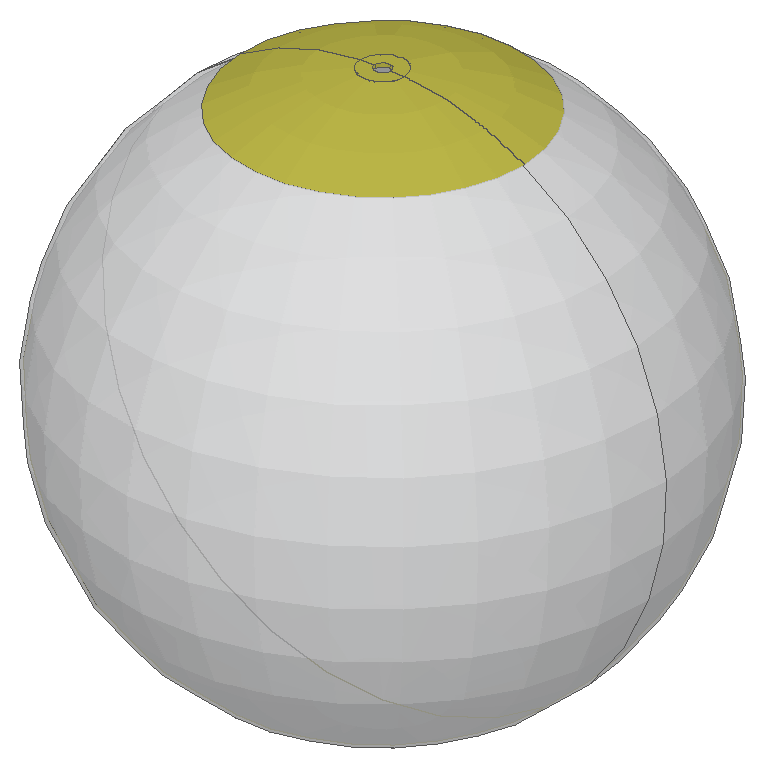
Revit family "OB18 SHADE", category Lighting Fixtures, Revit 2024
Family settings
  Round Connector Dimension = Use Diameter
  Part Type = Normal
  OmniClass Number = 23.80.70.00
  OmniClass Title = Lighting
  Work Plane-Based = No
  Always vertical = Yes
  Cut with Voids When Loaded = No
  Light Source = No
  Maintain Annotation Orientation = No
  Shared = No
  Room Calculation Point = No
Parameters
  Default Elevation = 0' - 0"
Reference planes (in)
  plane 1 "Light Source Axis (F/B)": y = 0
  plane 2: z = 0
  plane 3 "Light Source Axis (L/R)": x = 0
  plane 4 "Light Source Elevation": z = 54
Forms (in)
  Revolve 1, solid
    sketch origin (0, 0, 0) x (1, 0, 0) y (0, 0, 1)
      loop
        arc (-4.35711, 70.875) -> (-8.71421, 60.75) -> (0, 54) r 9
        line (0, 54) -> (0, 54.09375)
        arc (0, 54.09375) -> (-8.64182, 60.84587) -> (-4.18035, 70.86422) r 8.90625
        line (-4.18035, 70.86422) -> (-4.18035, 70.93493)
        arc (-4.18035, 70.93493) -> (-2.48848, 71.61661) -> (-0.69369, 71.94188) r 8.96875
        line (-0.69369, 71.94188) -> (-0.25, 71.94188) -> (-0.25, 72.03563) -> (-0.69731, 72.03563)
        arc (-0.69731, 72.03563) -> (-2.65524, 71.66479) -> (-4.48478, 70.875) r 9.0625
        line (-4.48478, 70.875) -> (-4.35711, 70.875)
      axis (0, 72.03563) -> (0, 54)
    angle from 0 to 360
Dimensions and locks (in)
  aligned and locked: level to plane 2
